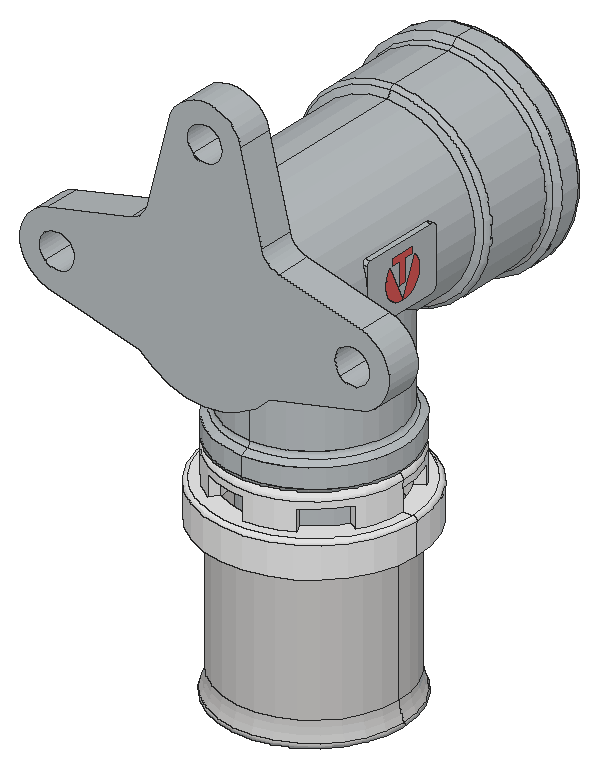
Revit family "VTm_254_ВодорозеткаПресс_ПереходВнутрРезьба1", category Соединительные детали трубопроводов, Revit 2017
Family settings
  Размер круглого соединителя = Использовать диаметр
  Тип детали = Отвод
  На основе рабочей плоскости = Нет
  Всегда вертикально = Да
  При загрузке вырезать с полостями = Нет
  Общий = Нет
Parameters (values of type "20 х 1/2"")
  Тело = VTm_254_ТелоРозетки_20_на_ПолДюйма : VTm_254_ТелоРозетки_20_на_ПолДюйма
  Стоимость = 0
  Символ вид сбоку и модель [instance] = yes
  Символ в плане и вид спереди [instance] = yes
  Резьба = VTm_254_РезьбаСоСбегами_Внутр : 1/2" х 5 х 1
  РадОтверстий = 2.50 mm  # constant formula
  РадНаружПодРезьбу = 12.00 mm
  РадВнутрПодРезьбу = 11.00 mm
  РадБазы2 = DN2 / 4  # 3.75 mm
  РадБазы1 = DN1 / 4  # 5.00 mm
  ПодРезьбу х 07 = ПодРезьбу * 0.7  # 9.096 mm
  ПодРезьбу = 12.995 mm
  Описание = "Служит для соединения резьбовых фитингов и сантехприборов с системами металлополимерных, PEX и PE труб на пресс с поворотом на 90° и неподвижным креплением к строительным конструкциям"  # constant formula
  Комментарии к типоразмеру = "Модель разработана по заказу ВЕСТА Регионы, автор Михаил Кузьмин НПО Инкомис, правообладатель ВЕСТА Регионы"  # constant formula
  Изготовитель = "VALTEC"  # constant formula
  ДоЦентраОтверстий = 18.95 mm
  ДоПятки = 17.50 mm
  ДлинаБазы2 = 13.00 mm
  ДлинаБазы1 = 24.30 mm
  Гильза = VTm_254_Гильза_от_16_до_26 : 20
  Видеть резьбу [instance] = yes
  VT_Цена базовая = 300
  VT_sleeve = Нержавеющая сталь
  VT_ring = Пластмасса, непрозрачная, белая
  VT_logo [instance] = Алюминий, анодированный красный
  VT_body = Цинк
  URL = "http://valtec.ru/catalog/sistemy_metallopolimernyh_i_polimernyh_truboprovodov/press_fitingi/press_fiting_ugolnik_s_perehodom_na_vnutrennyuyu_rezbu_vtm252n.html"
  DN2 = 15.00 mm
  DN1 = 20.00 mm
  ADSK_Примечание = ""
  ADSK_Позиция = "254.2004"
  ADSK_Обозначение = "VTm.254.N.002004"
  ADSK_Наименование = "Водорозетка пресс с переходом на внутреннюю резьбу 20х1/2\" VTm.254"
  ADSK_Масса_Текст = "0.144"
  ADSK_Масса = 0.144
  ADSK_Завод-изготовитель = "VALTEC"  # constant formula
  ADSK_Единица измерения = "шт"  # constant formula
  ADSK_Версия семейства = "01.01"  # constant formula
  ADSK_Версия Revit = "2017"  # constant formula
Types (4, lengths in mm): name | Тело | Резьба | РадНаружПодРезьбу | РадВнутрПодРезьбу | РадБазы2 | РадБазы1 | ПодРезьбу х 07 | ПодРезьбу | ДоЦентраОтверстий | ДоПятки | ДлинаБазы2 | ДлинаБазы1 | Гильза | VT_Цена базовая | URL | DN2 | DN1 | ADSK_Позиция | ADSK_Обозначение | ADSK_Наименование | ADSK_Масса_Текст | ADSK_Масса
  16 х 1/2" | VTm_254_ТелоРозетки_16_на_ПолДюйма : VTm_254_ТелоРозетки_16_на_ПолДюйма | VTm_254_РезьбаСоСбегами_Внутр : 1/2" х 5 х 1 | 12.00 | 11.00 | 3.75 | 4.00 | 9.096 | 12.995 | 17.50 | 13.50 | 13.00 | 20.40 | VTm_254_Гильза_от_16_до_26 : 16 | 221 | "http://valtec.ru/catalog/sistemy_metallopolimernyh_i_polimernyh_truboprovodov/press_fitingi/press_fiting_ugolnik_s_krepleniem_vodorozetka_vtm254n.html" | 15.00 | 16.00 | "254.1604" | "VTm.254.N.001604" | "Водорозетка пресс с переходом на внутреннюю резьбу 16х1/2\" VTm.254" | "0.110" | 0.11
  20 х 3/4" | VTm_254_ТелоРозетки_20_на_ТриЧетверти : VTm_254_ТелоРозетки_20_на_ТриЧетверти | VTm_254_РезьбаСоСбегами_Внутр : 3/4" х 5 х 1,8 | 15.50 | 14.50 | 5.00 | 5.00 | 9.80 | 14.00 | 20.55 | 16.50 | 16.00 | 29.30 | VTm_254_Гильза_от_16_до_26 : 20 | 399 | "http://valtec.ru/catalog/sistemy_metallopolimernyh_i_polimernyh_truboprovodov/press_fitingi/press_fiting_ugolnik_s_perehodom_na_vnutrennyuyu_rezbu_vtm252n.html" | 20.00 | 20.00 | "254.2005" | "VTm.254.N.002005" | "Водорозетка пресс с переходом на внутреннюю резьбу 20х3/4\" VTm.254" | "0.195" | 0.195
  20 х 1/2" | VTm_254_ТелоРозетки_20_на_ПолДюйма : VTm_254_ТелоРозетки_20_на_ПолДюйма | VTm_254_РезьбаСоСбегами_Внутр : 1/2" х 5 х 1 | 12.00 | 11.00 | 3.75 | 5.00 | 9.096 | 12.995 | 18.95 | 17.50 | 13.00 | 24.30 | VTm_254_Гильза_от_16_до_26 : 20 | 300 | "http://valtec.ru/catalog/sistemy_metallopolimernyh_i_polimernyh_truboprovodov/press_fitingi/press_fiting_ugolnik_s_perehodom_na_vnutrennyuyu_rezbu_vtm252n.html" | 15.00 | 20.00 | "254.2004" | "VTm.254.N.002004" | "Водорозетка пресс с переходом на внутреннюю резьбу 20х1/2\" VTm.254" | "0.144" | 0.144
  26 х 3/4" | VTm_254_ТелоРозетки_26_на_ТриЧетверти : VTm_254_ТелоРозетки_26_на_ТриЧетверти | VTm_254_РезьбаСоСбегами_Внутр : 3/4" х 5 х 1,8 | 15.80 | 14.80 | 5.00 | 6.50 | 9.80 | 14.00 | 20.55 | 16.50 | 16.00 | 32.00 | VTm_254_Гильза_от_16_до_26 : 26 | 427 | "http://valtec.ru/catalog/sistemy_metallopolimernyh_i_polimernyh_truboprovodov/press_fitingi/press_fiting_ugolnik_s_perehodom_na_vnutrennyuyu_rezbu_vtm252n.html" | 20.00 | 26.00 | "254.2605" | "VTm.254.N.002605" | "Водорозетка пресс с переходом на внутреннюю резьбу 26х3/4\" VTm.254" | "0.222" | 0.222
Reference planes
  plane 1 "По центру (Вперед/Назад)": y = 0
  plane 2: z = 0
  plane 3 "По центру (Влево/Вправо)": x = 0
  plane 4: y = 13
  plane 5: y = 25.995
  plane 6: z = -24.3
  plane 7: z = -44.3
  plane 8: z = -64.3
  plane 9: x = -20
  plane 10: x = 20
  plane 11: y = 22.096
  plane 12: y = 20
  plane 13: y = -20
  plane 14: z = -15
  plane 15: z = 15
  plane 16: x = -15
  plane 17: x = 15
  plane 18 "Пятка": y = -17.5
  plane 19: z = 18.95
  plane 20: x = 18.95
  plane 21: x = -18.95
Forms (mm)
  Extrusion 1, solid, not visible
    sketch origin (0, 0, 0) x (1, 0, 0) y (0, 0, 1)
      loop
        circle (0, 0) r 3.75
    from -13 to 0
  Extrusion 2, solid, not visible
    sketch origin (0, 0, 0) x (1, 0, 0) y (0, 1, 0)
      loop
        circle (0, 0) r 5
    from -24.3 to 0
  Extrusion 3, solid, material "Цинк" <- "VT_body", not visible
    sketch origin (0, 0, 0) x (1, 0, 0) y (0, 0, 1)
      loop
        circle (0, 0) r 12
      loop
        circle (0, 0) r 11
    from -25.995 to -13
Lines and regions (mm)
  model lines, style "VT_symbol", visible <- "Символ в плане и вид спереди", detail levels medium
    curve 1: line (-20, 0, -24.3) -> (20, 0, -64.3)
    curve 2: line (-20, 0, -64.3) -> (20, 0, -24.3)
    curve 10: line (-15, 22.096, 0) -> (-15, 13, 0)
    curve 11: line (-15, 13, 0) -> (15, 13, 0)
    curve 12: line (15, 13, 0) -> (15, 22.096, 0)
  model lines, style "VT_symbol", detail levels coarse+medium
    curve 3: line (0, 0, 0) -> (0, 0, -24.3)
    curve 4: line (0, 13, 0) -> (0, 0, 0)
  model lines, style "VT_symbol", visible <- "Символ вид сбоку и модель", detail levels medium
    curve 5: line (0, 20, -24.3) -> (0, -20, -64.3)
    curve 6: line (0, 20, -64.3) -> (0, -20, -24.3)
    curve 7: line (0, 22.096, 15) -> (0, 13, 15)
    curve 8: line (0, 13, 15) -> (0, 13, -15)
    curve 9: line (0, 13, -15) -> (0, 22.096, -15)
  model lines, style "VT_symbol", detail levels medium
    curve 13: line (-18.95, -17.5, 0) -> (18.95, -17.5, 0)
    curve 14: line (0, -17.5, 18.95) -> (0, -17.5, 0)
    curve 15: circle (0, -17.5, 18.95) r 2.5 normal (0, -1, 0)
    curve 16: circle (-18.95, -17.5, 0) r 2.5 normal (0, -1, 0)
    curve 17: circle (18.95, -17.5, 0) r 2.5 normal (0, -1, 0)
Dimensions and locks
  "ДлинаБазы2": plane 4 to plane 1 "По центру (Вперед/Назад)"
  "ПодРезьбу": plane 5 to plane 4
  "ДлинаБазы1": plane 2 to plane 6
  equal spacing: plane 10, plane 3 "По центру (Влево/Вправо)", plane 9
  equal spacing: plane 6, plane 7, plane 8
  "DN1": plane 3 "По центру (Влево/Вправо)" to plane 9
  "DN1": plane 6 to plane 7
  equal spacing: plane 12, plane 1 "По центру (Вперед/Назад)", plane 13
  "DN1": plane 1 "По центру (Вперед/Назад)" to plane 13
  equal spacing: plane 14, plane 2, plane 15
  "DN2": plane 2 to plane 15
  "ПодРезьбу х 07": plane 11 to plane 4
  equal spacing: plane 16, plane 3 "По центру (Влево/Вправо)", plane 17
  "DN2": plane 16 to plane 3 "По центру (Влево/Вправо)"
  equal spacing: plane 21, plane 3 "По центру (Влево/Вправо)", plane 20
  "ДоЦентраОтверстий": plane 20 to plane 3 "По центру (Влево/Вправо)"
  "ДоЦентраОтверстий": plane 19 to plane 2
  "ДоПятки": plane 18 "Пятка" to plane 1 "По центру (Вперед/Назад)"
  "РадБазы2": radius of Extrusion 1 sketch curve
  "РадБазы1": radius of Extrusion 2 sketch curve
  "РадВнутрПодРезьбу": radius of Extrusion 3 sketch curve
  "РадНаружПодРезьбу": radius of Extrusion 3 sketch curve
  "РадОтверстий": radius of curve 15
  "РадОтверстий": radius of curve 16
  "РадОтверстий": radius of curve 17
  aligned and locked: level to plane 2
  aligned and locked: plane 3 "По центру (Влево/Вправо)" to Extrusion 1 sketch curve
  aligned and locked: plane 2 to Extrusion 1 sketch curve
  aligned and locked: plane 4 to Extrusion 1
  aligned and locked: plane 1 "По центру (Вперед/Назад)" to Extrusion 1
  aligned and locked: plane 3 "По центру (Влево/Вправо)" to Extrusion 2 sketch curve
  aligned and locked: plane 1 "По центру (Вперед/Назад)" to Extrusion 2 sketch curve
  aligned and locked: Extrusion 2 to plane 6
  aligned and locked: plane 2 to Extrusion 2
  aligned and locked: plane 3 "По центру (Влево/Вправо)" to Extrusion 3 sketch curve  (x2)
  aligned and locked: plane 2 to Extrusion 3 sketch curve  (x2)
  aligned and locked: plane 5 to Extrusion 3
  aligned and locked: Extrusion 3 to plane 4
  aligned and locked: plane 3 "По центру (Влево/Вправо)" to nested 1
  aligned and locked: nested 2 to plane 1 "По центру (Вперед/Назад)"
  aligned and locked: plane 3 "По центру (Влево/Вправо)" to nested 2
  aligned and locked: plane 3 "По центру (Влево/Вправо)" to nested 3
  aligned and locked: nested 3 to plane 2
  aligned and locked: plane 1 "По центру (Вперед/Назад)" to nested 4
  aligned and locked: plane 3 "По центру (Влево/Вправо)" to nested 4
  aligned and locked: nested 5 to plane 2
  aligned and locked: plane 3 "По центру (Влево/Вправо)" to nested 5
  aligned and locked: plane 9 to curve 1
  aligned and locked: plane 6 to curve 1
  aligned and locked: plane 10 to curve 2
  aligned and locked: plane 6 to curve 2
  aligned and locked: plane 10 to curve 1
  aligned and locked: plane 8 to curve 1
  aligned and locked: plane 8 to curve 2
  aligned and locked: plane 9 to curve 2
  aligned and locked: plane 6 to curve 3
  aligned and locked: plane 2 to curve 3
  aligned and locked: curve 3 to plane 3 "По центру (Влево/Вправо)"
  aligned and locked: curve 3 to plane 1 "По центру (Вперед/Назад)"
  aligned and locked: plane 4 to curve 4
  aligned and locked: plane 1 "По центру (Вперед/Назад)" to curve 4
  aligned and locked: curve 4 to plane 3 "По центру (Влево/Вправо)"
  aligned and locked: plane 12 to curve 5
  aligned and locked: plane 6 to curve 5
  aligned and locked: plane 6 to curve 6
  aligned and locked: plane 13 to curve 6
  aligned and locked: plane 13 to curve 5
  aligned and locked: plane 8 to curve 5
  aligned and locked: plane 8 to curve 6
  aligned and locked: plane 12 to curve 6
  aligned and locked: plane 4 to curve 8
  aligned and locked: plane 15 to curve 7
  aligned and locked: plane 14 to curve 9
  aligned and locked: plane 11 to curve 7
  aligned and locked: plane 11 to curve 9
  aligned and locked: curve 10 to plane 16
  aligned and locked: curve 11 to plane 4
  aligned and locked: plane 17 to curve 12
  aligned and locked: curve 14 to plane 3 "По центру (Влево/Вправо)"
  aligned and locked: curve 13 to plane 2
  aligned and locked: plane 19 to curve 14
  aligned and locked: plane 21 to curve 13
  aligned and locked: plane 20 to curve 13
  aligned and locked: plane 21 to curve 16
  aligned and locked: plane 2 to curve 16
  aligned and locked: plane 20 to curve 17
  aligned and locked: plane 2 to curve 17
  aligned and locked: plane 3 "По центру (Влево/Вправо)" to curve 15
  aligned and locked: plane 19 to curve 15
  aligned and locked: curve 5 to plane 3 "По центру (Влево/Вправо)"
  aligned and locked: plane 3 "По центру (Влево/Вправо)" to curve 6
  aligned and locked: curve 1 to plane 1 "По центру (Вперед/Назад)"
  aligned and locked: plane 1 "По центру (Вперед/Назад)" to curve 2
  aligned and locked: curve 8 to plane 3 "По центру (Влево/Вправо)"
  aligned and locked: plane 1 "По центру (Вперед/Назад)" to nested 1
Automatic sketch dimensions
  plane 11 to curve 12 = 0.00 mm
  plane 11 to curve 10 = 0.00 mm
Nested families
  nested 1: "VTm_254_ТелоРозетки_20_на_ПолДюйма" at (0, 0, 0), type <- "Тело", type "VTm_254_ТелоРозетки_20_на_ПолДюйма", detail levels fine
  nested 2: "VTm_254_Гильза_от_16_до_26" at (0, 0, -24.3) x (1, 0, 0) z (0, 0, -1), type <- "Гильза", type "20", detail levels fine
  nested 3: "VTm_254_РезьбаСоСбегами_Внутр" at (0, 25.995, 0) x (1, 0, 0) z (0, -1, 0), type <- "Резьба", visible <- "Видеть резьбу", type "1/2" х 5 х 1", detail levels fine
  nested 4: "MarkR" at (0, 0, -24.3), type "MarkR", not visible
  nested 5: "MarkR" at (0, 13, 0) x (1, 0, 0) z (0, -1, 0), type "MarkR", not visible
Connectors
  piping at (0, 0, -24.3), diameter 20, driven by "DN1"
    settings: on Extrusion 2, index 1, connector inside diameter 609.6 mm, connector length 0.00 mm, flow factor 0, pipe flow 0.0 L/s, pressure drop 0.0 Pa, fitting loss kfactor 0, connector angle 0.00°, fixture units 0, engagement length 0.00 mm, angle of deflection 0.00°, flow configuration 0, flow direction 0, fitting loss method 0, system type 28, joint type 0, gender type 0, connector reference index 2, connector utility 0, adjustable connector no, is connector primary yes, connector description ""
  piping at (0, 13, 0), diameter 15, driven by "DN2"
    settings: on Extrusion 1, index 2, connector inside diameter 609.6 mm, connector length 0.00 mm, flow factor 0, pipe flow 0.0 L/s, pressure drop 0.0 Pa, fitting loss kfactor 0, connector angle 90.00°, fixture units 0, engagement length 0.00 mm, angle of deflection 0.00°, flow configuration 0, flow direction 0, fitting loss method 0, system type 28, joint type 0, gender type 0, connector reference index 1, connector utility 0, adjustable connector no, is connector primary no, connector description ""
Definition of nested family "VTm_254_ТелоРозетки_20_на_ПолДюйма"
  Parameters (values of type "VTm_254_ТелоРозетки_20_на_ПолДюйма")
    Description = ""
    Type Comments = ""
    VT_logo = none
    VT_body = none
  Reference planes
    plane 1 "По центру (Вперед/Назад)": y = 0
    plane 2: z = 0
    plane 3 "По центру (Влево/Вправо)": x = 0
    plane 4: z = 23.75
    plane 5: x = 23.75
    plane 6: x = -23.75
    plane 7: x = -11.277
    plane 8: x = 11.277
    plane 9: x = -18.95
    plane 10: x = 18.95
    plane 11: z = 18.95
  Forms (mm)
    Revolve 1, solid, material <- "VT_body"
      sketch origin (0, 0, 0) x (0, 1, 0) y (0, 0, 1)
        loop
          line (21.586, 12.5) -> (12.958, 12.5)
          arc (12.958, 12.5) -> (12.561, 12.394) -> (12.271, 12.103) r 0.794
          line (12.271, 12.103) -> (11.778, 11.25) -> (-13, 11.25) -> (-13, 0) -> (13, 0) -> (13, 9.9) -> (25.287, 9.9) -> (26, 10.613) -> (26, 12.998)
          arc (26, 12.998) -> (25.853, 13.353) -> (25.498, 13.5) r 0.502
          line (25.498, 13.5) -> (23, 13.5) -> (22.293, 12.793)
          arc (22.293, 12.793) -> (21.968, 12.576) -> (21.586, 12.5) r 0.999
        axis (26, 0) -> (-13, 0)
      angle from 0 to 360
    Revolve 2, solid, material <- "VT_body"
      sketch origin (0, 0, 0) x (0, 1, 0) y (0, 0, 1)
        loop
          line (10.25, 0) -> (0, 0) -> (0, -22.499) -> (10.997, -22.499)
          arc (10.997, -22.499) -> (11.353, -22.351) -> (11.5, -21.995) r 0.503
          line (11.5, -21.995) -> (11.5, -19.5) -> (10.642, -19.005)
          arc (10.642, -19.005) -> (10.355, -18.718) -> (10.25, -18.326) r 0.785
          line (10.25, -18.326) -> (10.25, 0)
        axis (0, -22.499) -> (0, 0)
      angle from 0 to 360
    Extrusion 3, solid, material <- "VT_body"
      sketch origin (-1.204, 0, -4.867) x (-0.707107, 0, -0.707107) y (0.707107, 0, -0.707107)
        loop
          line (-16.161, -4.138) -> (-21.805, -13.515)
          arc (-21.805, -13.515) -> (-21.087, -19.384) -> (-15.217, -20.103) r 4.8
          line (-15.217, -20.103) -> (-5.84, -14.459)
          arc (-5.84, -14.459) -> (-4.293, -14.029) -> (-2.746, -14.459) r 3
          line (-2.746, -14.459) -> (6.632, -20.103)
          arc (6.632, -20.103) -> (12.501, -19.384) -> (13.219, -13.515) r 4.8
          line (13.219, -13.515) -> (6.946, -3.092)
          arc (6.946, -3.092) -> (3.662, 5.364) -> (-4.794, 8.648) r 11.25
          line (-4.794, 8.648) -> (-15.217, 14.922)
          arc (-15.217, 14.922) -> (-21.087, 14.203) -> (-21.805, 8.334) r 4.8
          line (-21.805, 8.334) -> (-16.161, -1.044)
          arc (-16.161, -1.044) -> (-15.731, -2.591) -> (-16.161, -4.138) r 3
        loop
          circle (9.107, -15.99) r 2.25
        loop
          circle (-17.692, -15.99) r 2.25
        loop
          circle (-17.692, 10.809) r 2.25
      from 13 to 17.5
    Extrusion 4, solid, material <- "VT_body"
      sketch origin (0, 0, 0) x (0, 1, 0) y (0, 0, 1)
        loop
          arc (-4.968, 4) -> (-5.344, 3.844) -> (-5.5, 3.468) r 0.532
          line (-5.5, 3.468) -> (-5.5, -3.347)
          arc (-5.5, -3.347) -> (-5.309, -3.809) -> (-4.847, -4) r 0.653
          line (-4.847, -4) -> (4.652, -4)
          arc (4.652, -4) -> (5.252, -3.752) -> (5.5, -3.152) r 0.848
          line (5.5, -3.152) -> (5.5, 3.27)
          arc (5.5, 3.27) -> (5.286, 3.786) -> (4.77, 4) r 0.73
          line (4.77, 4) -> (-4.968, 4)
      from -11.277 to 11.277
  Cuts and joins
    joined: Revolve 1, Revolve 2
  Dimensions and locks
    Revolve 1 sketch curve to plane 2 = 9.90 mm
    Revolve 1 sketch curve to Revolve 1 sketch curve = 13.00 mm
    equal spacing: Extrusion 4 sketch curve, plane 1 "По центру (Вперед/Назад)", Extrusion 4 sketch curve
    equal spacing: Extrusion 4 sketch curve, plane 2, Extrusion 4 sketch curve
    plane 1 "По центру (Вперед/Назад)" to Extrusion 4 sketch curve = 5.50 mm
    Extrusion 4 sketch curve to plane 2 = 4.00 mm
    equal spacing: plane 8, plane 3 "По центру (Влево/Вправо)", plane 7, locked at 11.277 each
    plane 3 "По центру (Влево/Вправо)" to plane 7 = 11.277 mm
    locked: plane 1 "По центру (Вперед/Назад)" to Extrusion 3 at 17.5
    locked: plane 1 "По центру (Вперед/Назад)" to Extrusion 3 at 13
    locked: plane 2 to Revolve 2 at 19.5  (x2)
    locked: Revolve 1 to plane 1 "По центру (Вперед/Назад)" at 26
    locked: Revolve 1 to plane 1 "По центру (Вперед/Назад)" at 13
    equal spacing: Extrusion 4, plane 2, Extrusion 4, locked at 4 each
    equal spacing: Extrusion 4, plane 1 "По центру (Вперед/Назад)", Extrusion 4, locked at 5.5 each
    equal spacing: plane 6, plane 3 "По центру (Влево/Вправо)", plane 5, locked at 23.75 each
    plane 3 "По центру (Влево/Вправо)" to plane 6 = 23.75 mm
    locked: plane 4 to plane 2 at 23.75
    locked: plane 6 to plane 9 at 4.8
    locked: plane 4 to plane 11 at 4.8
    locked: plane 5 to plane 10 at 4.8
    aligned and locked: level to plane 2
    aligned and locked: Revolve 1 sketch curve to plane 2
    aligned and locked: Revolve 1 sketch curve to Revolve 1 sketch curve
    aligned and locked: plane 1 "По центру (Вперед/Назад)" to Revolve 2 sketch curve
    aligned and locked: Revolve 2 sketch curve to Revolve 2 sketch curve
    aligned and locked: Extrusion 4 to plane 7
    aligned and locked: Extrusion 4 to plane 8
    aligned and locked: plane 1 "По центру (Вперед/Назад)" to nested 2
    aligned and locked: nested 1 to plane 1 "По центру (Вперед/Назад)"
    aligned and locked: plane 9 to Extrusion 3 sketch curve  (x2)
    aligned and locked: plane 2 to Extrusion 3 sketch curve  (x5)
    aligned and locked: plane 3 "По центру (Влево/Вправо)" to Extrusion 3 sketch curve  (x3)
    aligned and locked: plane 11 to Extrusion 3 sketch curve  (x2)
    aligned and locked: plane 10 to Extrusion 3 sketch curve  (x2)
  Automatic sketch dimensions
    Revolve 2 sketch curve to level = 0.00 mm
    Revolve 2 sketch curve to plane 1 "По центру (Вперед/Назад)" = 10.25 mm
    Revolve 2 sketch curve to Revolve 2 sketch curve = 0.392 mm  (x2)
    Revolve 2 sketch curve to Revolve 2 sketch curve = 0.354 mm
    Revolve 2 sketch curve to Revolve 2 sketch curve = 0.495 mm
    Revolve 2 sketch curve to Revolve 2 sketch curve = 2.495 mm
    Revolve 2 sketch curve to Revolve 2 sketch curve = 7.902 mm
    level to Revolve 2 sketch curve = 14.599 mm
    Revolve 2 sketch curve to Revolve 2 sketch curve = 18.326 mm
    Extrusion 4 sketch curve to Extrusion 4 sketch curve = 0.532 mm
    Extrusion 4 sketch curve to Extrusion 4 sketch curve = 0.653 mm
    Extrusion 4 sketch curve to Extrusion 4 sketch curve = 0.848 mm
    Extrusion 4 sketch curve to Extrusion 4 sketch curve = 0.73 mm
    plane 1 "По центру (Вперед/Назад)" to Revolve 1 sketch curve = 13.00 mm
    Revolve 1 sketch curve to plane 1 "По центру (Вперед/Назад)" = 12.271 mm
    Revolve 1 sketch curve to Revolve 1 sketch curve = 0.688 mm
    Revolve 1 sketch curve to Revolve 1 sketch curve = 0.042 mm
    Revolve 1 sketch curve to Revolve 1 sketch curve = 4.414 mm
    Revolve 1 sketch curve to Revolve 1 sketch curve = 0.707 mm  (x2)
    Revolve 1 sketch curve to Revolve 1 sketch curve = 0.713 mm  (x2)
    Revolve 1 sketch curve to Revolve 1 sketch curve = 0.502 mm
    Revolve 1 sketch curve to Revolve 1 sketch curve = 0.397 mm
    Revolve 1 sketch curve to Revolve 1 sketch curve = 8.835 mm
    Revolve 1 sketch curve to Revolve 1 sketch curve = 0.492 mm
    Revolve 1 sketch curve to Revolve 1 sketch curve = 11.221 mm
    Extrusion 3 sketch curve to Extrusion 3 sketch curve = 0.00 mm  (x2)
    Extrusion 3 sketch curve to Extrusion 3 sketch curve = 1.547 mm  (x2)
    Extrusion 3 sketch curve to Extrusion 3 sketch curve = 11.868 mm
    Extrusion 3 sketch curve to Extrusion 3 sketch curve = 2.475 mm  (x3)
    Extrusion 3 sketch curve to Extrusion 3 sketch curve = 2.57 mm
    Extrusion 3 sketch curve to Extrusion 3 sketch curve = 4.113 mm  (x4)
    Extrusion 3 sketch curve to Extrusion 3 sketch curve = 1.039 mm
    Extrusion 3 sketch curve to Extrusion 3 sketch curve = 9.377 mm
    Extrusion 3 sketch curve to Extrusion 3 sketch curve = 10.423 mm  (x2)
    Extrusion 3 sketch curve to Extrusion 3 sketch curve = 11.239 mm
    Revolve 1 sketch curve to Revolve 1 sketch curve = 1.35 mm
    Revolve 1 sketch curve to Revolve 1 sketch curve = 0.293 mm
    radius of Extrusion 3 sketch curve = 2.25 mm  (x3)
  Nested families
    nested 1: "VTm_254_Logo_5_5mm" at (11.277, 0, 0) x (0, 1, 0) z (1, 0, 0), type "VTm_254_Logo_5_5mm"
    nested 2: "VTm_254_Logo_5_5mm" at (-11.277, 0, 0) x (0, -1, 0) z (-1, 0, 0), type "VTm_254_Logo_5_5mm"
  Definition of nested family "VTm_254_Logo_5_5mm"
    Parameters (values of type "VTm_254_Logo_5_5mm")
      Default Elevation = 0.00 mm
      Description = ""
      Type Comments = ""
      VT_logo = none
    Reference planes
      plane 1 "По центру (Вперед/Назад)": y = 0
      plane 2: z = 0
      plane 3 "По центру (Влево/Вправо)": x = 0
      plane 4: z = -0.8
      plane 5: z = 0.1
    Forms (mm)
      Extrusion 1, solid, not visible
        sketch origin (0, 0, 0) x (1, 0, 0) y (0, 1, 0)
          loop
            line (-1219.2, 1219.2) -> (-1219.2, -1219.2) -> (1219.2, -1219.2) -> (1219.2, 1219.2) -> (-1219.2, 1219.2)
        from 0 to -304.8
      Extrusion 2, solid, material <- "VT_logo"
        sketch origin (0, 0, 0) x (1, 0, 0) y (0, 1, 0)
          loop
            arc (-2.006, 1.803) -> (-2.464, -1.097) -> (-0.002, -2.697) r 2.697
            line (-0.002, -2.697) -> (-2.006, 1.803)
          loop
            line (-0.42, 1.945) -> (-0.42, -0.8) -> (0.42, -0.8) -> (0.42, 1.945) -> (1.5, 1.945) -> (1.5, 2.749) -> (-1.5, 2.749) -> (-1.5, 1.945) -> (-0.42, 1.945)
        from -0.8 to 0.1
      Extrusion 3, solid, material <- "VT_logo"
        sketch origin (0, 0, 0) x (1, 0, 0) y (0, 1, 0)
          loop
            arc (0.002, -2.697) -> (2.464, -1.097) -> (2.006, 1.803) r 2.697
            line (2.006, 1.803) -> (0.002, -2.697)
        from -0.8 to 0.1
    Dimensions and locks
      equal spacing: Extrusion 2 sketch curve, plane 3 "По центру (Влево/Вправо)", Extrusion 2 sketch curve  (x2)
      plane 3 "По центру (Влево/Вправо)" to Extrusion 2 sketch curve = 0.42 mm
      Extrusion 2 sketch curve to plane 3 "По центру (Влево/Вправо)" to Extrusion 2 sketch curve = 1.50 mm, 1.50 mm
      Extrusion 2 sketch curve to Extrusion 2 sketch curve = 0.803 mm  (x2)
      locked: plane 2 to plane 4 at 0.8
      locked: plane 5 to plane 2 at 0.1
      equal spacing: Extrusion 2, plane 3 "По центру (Влево/Вправо)", Extrusion 2, locked at 1.5 each
      equal spacing: Extrusion 2, plane 3 "По центру (Влево/Вправо)", Extrusion 2, locked at 0.42 each
      locked: Extrusion 2 to plane 1 "По центру (Вперед/Назад)" at 2.749
      locked: Extrusion 2 to plane 1 "По центру (Вперед/Назад)" at 0.8
      locked: Extrusion 2 to Extrusion 2 at 0.803
      Extrusion 2 sketch curve to plane 1 "По центру (Вперед/Назад)" = 0.80 mm
      aligned and locked: plane 2 to Extrusion 1
      aligned and locked: level to Extrusion 1
      aligned and locked: plane 5 to Extrusion 2
      aligned and locked: plane 3 "По центру (Влево/Вправо)" to Extrusion 2 sketch curve
      aligned and locked: plane 1 "По центру (Вперед/Назад)" to Extrusion 2 sketch curve
      aligned and locked: plane 3 "По центру (Влево/Вправо)" to Extrusion 3 sketch curve
      aligned and locked: plane 1 "По центру (Вперед/Назад)" to Extrusion 3 sketch curve
      aligned and locked: plane 5 to Extrusion 3
      aligned and locked: Extrusion 2 to plane 4
      aligned and locked: Extrusion 2 to Extrusion 3
    Automatic sketch dimensions
      Extrusion 1 sketch curve to Extrusion 1 sketch curve = 2438.40 mm  (x2)
      Extrusion 2 sketch curve to Extrusion 2 sketch curve = 0.506 mm
      Extrusion 2 sketch curve to plane 3 "По центру (Влево/Вправо)" = 0.002 mm
      Extrusion 2 sketch curve to Extrusion 2 sketch curve = 1.897 mm
      Extrusion 2 sketch curve to Extrusion 2 sketch curve = 0.142 mm
      plane 3 "По центру (Влево/Вправо)" to Extrusion 3 sketch curve = 0.002 mm
      plane 3 "По центру (Влево/Вправо)" to Extrusion 3 sketch curve = 2.006 mm
      plane 1 "По центру (Вперед/Назад)" to Extrusion 3 sketch curve = 2.697 mm
Definition of nested family "VTm_254_Гильза_от_16_до_26"
  Parameters (values of type "16")
    ТолщСтенкТруб = 2.10 mm
    РегулировкаВысотГильз = 17.30 mm
    РадПерфНаруж = 9.30 mm
    РадПерфВнутр = РадПерфНаруж - 1.30 mm  # 8.00 mm
    РадГабаритКольца = 11.20 mm
    Default Elevation = 0.00 mm
    НарРадТруб = НарДиамТруб / 2  # 8.00 mm
    НарДиамТруб = 16.00 mm
    ВысотаОкон = 2.697 mm
    VT_body = none
    VT_ring = none
    VT_sleeve = none
  Types (3, lengths in mm): name | ТолщСтенкТруб | РегулировкаВысотГильз | РадПерфНаруж | РадПерфВнутр | РадГабаритКольца | НарРадТруб | НарДиамТруб
    16 | 2.10 | 17.30 | 9.30 | 8.00 | 11.20 | 8.00 | 16.00
    20 | 2.10 | 17.35 | 11.45 | 10.15 | 13.20 | 10.05 | 20.10
    26 | 3.05 | 17.20 | 14.35 | 13.05 | 16.25 | 13.075 | 26.15
  Reference planes
    plane 1 "По центру (Вперед/Назад)": y = 0
    plane 2: z = 0
    plane 3 "По центру (Влево/Вправо)": x = 0
    plane 4: z = -1.8
    plane 5: z = 2.697
    plane 6: z = 7.197
    plane 7: x = -11.2
    plane 8: x = -9.3
    plane 9 "РадПерфВнутр": x = -8
    plane 10: through (0, 0, 1219.2) normal (-0.5, -0.866, 0)
    plane 11: through (0, 0, 1219.2) normal (-0.866, -0.5, 0)
    plane 12: through (0, 0, 1219.2) normal (-0.866, 0.5, 0)
    plane 13: through (0, 0, 1219.2) normal (-0.5, 0.866, 0)
    plane 14: x = -8.9
    plane 15: z = 24.497
    plane 16: z = 27.313
    plane 17: x = -5.9
    plane 18: x = -3.5
    plane 19 "РадНарТруб": x = -8
    plane 20: x = -13.75
  Forms (mm)
    Extrusion 1, solid, not visible
      sketch origin (0, 0, 0) x (1, 0, 0) y (0, 1, 0)
        loop
          line (-1219.2, 1219.2) -> (-1219.2, -1219.2) -> (1219.2, -1219.2) -> (1219.2, 1219.2) -> (-1219.2, 1219.2)
      from 0 to -304.8
    Revolve 2, solid, material <- "VT_ring"
      sketch origin (0, 0, 0) x (1, 0, 0) y (0, 0, 1)
        loop
          line (-8, 0) -> (-8, 2.697) -> (-9.3, 2.697) -> (-9.3, -0.817)
          arc (-9.3, -0.817) -> (-9.012, -1.512) -> (-8.317, -1.8) r 0.983
          line (-8.317, -1.8) -> (0, -1.8) -> (0, 0) -> (-8, 0)
        axis (0, 2.697) -> (0, -1.8)
      angle from 0 to 360
    Extrusion 3, void
      sketch origin (0, 0, 0) x (1, 0, 0) y (0, 1, 0)
        loop
          line (-9.3, 0) -> (-8, 0)
          arc (-8, 0) -> (-7.727, 2.071) -> (-6.928, 4) r 8
          line (-6.928, 4) -> (-8.054, 4.65)
          arc (-8.054, 4.65) -> (-8.983, 2.407) -> (-9.3, 0) r 9.3
        loop
          arc (-4, 6.928) -> (-2.071, 7.727) -> (0, 8) r 8
          line (0, 8) -> (0, 9.3)
          arc (0, 9.3) -> (-2.407, 8.983) -> (-4.65, 8.054) r 9.3
          line (-4.65, 8.054) -> (-4, 6.928)
        loop
          arc (4, 6.928) -> (5.657, 5.657) -> (6.928, 4) r 8
          line (6.928, 4) -> (8.054, 4.65)
          arc (8.054, 4.65) -> (6.576, 6.576) -> (4.65, 8.054) r 9.3
          line (4.65, 8.054) -> (4, 6.928)
        loop
          arc (8, 0) -> (7.727, -2.071) -> (6.928, -4) r 8
          line (6.928, -4) -> (8.054, -4.65)
          arc (8.054, -4.65) -> (8.983, -2.407) -> (9.3, 0) r 9.3
          line (9.3, 0) -> (8, 0)
        loop
          arc (4, -6.928) -> (2.071, -7.727) -> (0, -8) r 8
          line (0, -8) -> (0, -9.3)
          arc (0, -9.3) -> (2.407, -8.983) -> (4.65, -8.054) r 9.3
          line (4.65, -8.054) -> (4, -6.928)
        loop
          arc (-8.054, -4.65) -> (-6.576, -6.576) -> (-4.65, -8.054) r 9.3
          line (-4.65, -8.054) -> (-4, -6.928)
          arc (-4, -6.928) -> (-5.657, -5.657) -> (-6.928, -4) r 8
          line (-6.928, -4) -> (-8.054, -4.65)
      from 0 to 2.697
    Revolve 4, solid, material <- "VT_ring"
      sketch origin (0, 0, 0) x (1, 0, 0) y (0, 0, 1)
        loop
          line (-11.2, 7.197) -> (-11.2, 3.224)
          arc (-11.2, 3.224) -> (-11.046, 2.851) -> (-10.674, 2.697) r 0.526
          line (-10.674, 2.697) -> (-8, 2.697) -> (-8, 7.197) -> (-11.2, 7.197)
        axis (0, 2.697) -> (0, 7.197)
      angle from 0 to 360
    Revolve 5, solid, material <- "VT_sleeve"
      sketch origin (0, 0, 0) x (1, 0, 0) y (0, 0, 1)
        loop
          line (-8.9, 7.197) -> (-8, 7.197) -> (-8, 24.497)
          arc (-8, 24.497) -> (-8.187, 25.953) -> (-8.737, 27.313) r 5.75
          arc (-8.737, 27.313) -> (-9.35, 27.485) -> (-9.522, 26.873) r 0.45
          arc (-9.522, 26.873) -> (-9.058, 25.725) -> (-8.9, 24.497) r 4.85
          line (-8.9, 24.497) -> (-8.9, 7.197)
        axis (0, 27.313) -> (0, 7.197)
      angle from 0 to 360
    Revolve 6, solid, material <- "VT_body"
      sketch origin (0, 0, 0) x (1, 0, 0) y (0, 0, 1)
        loop
          line (-3.764, 24.955) -> (-4.576, 26.366)
          arc (-4.576, 26.366) -> (-4.898, 26.631) -> (-5.315, 26.617) r 0.591
          arc (-5.315, 26.617) -> (-5.74, 26.267) -> (-5.9, 25.739) r 0.951
          line (-5.9, 25.739) -> (-5.9, 0) -> (-3.5, 0) -> (-3.5, 23.969)
          arc (-3.5, 23.969) -> (-3.567, 24.479) -> (-3.764, 24.955) r 1.977
        axis (0, 26.617) -> (0, 0)
      angle from 0 to 360
  Cuts and joins
    Extrusion 3 cuts Revolve 2
  Dimensions and locks
    "РадГабаритКольца": plane 7 to plane 3 "По центру (Влево/Вправо)"
    "РадПерфНаруж": plane 8 to plane 3 "По центру (Влево/Вправо)"
    "РадПерфВнутр": plane 9 "РадПерфВнутр" to plane 3 "По центру (Влево/Вправо)"
    locked: plane 17 to plane 18 at 2.4
    "ТолщСтенкТруб": plane 19 "РадНарТруб" to plane 17
    "НарРадТруб": plane 19 "РадНарТруб" to plane 3 "По центру (Влево/Вправо)"
    locked: plane 14 to plane 19 "РадНарТруб" at 0.9
    "РегулировкаВысотГильз": plane 15 to plane 6
    locked: plane 16 to plane 15 at 2.816
    plane 16 to plane 4 = 29.113 mm
    locked: plane 19 "РадНарТруб" to plane 20 at 5.75
    locked: plane 6 to plane 5 at 4.5
    locked: plane 2 to plane 4 at 1.8
    "ВысотаОкон": plane 5 to plane 2
    "РадПерфВнутр": radius of Extrusion 3 sketch curve  (x6)
    "РадПерфНаруж": radius of Extrusion 3 sketch curve  (x6)
    aligned and locked: plane 2 to Extrusion 1
    aligned and locked: level to Extrusion 1
    aligned and locked: Revolve 2 sketch curve to plane 8
    aligned and locked: Revolve 2 sketch curve to plane 3 "По центру (Влево/Вправо)"
    aligned and locked: plane 2 to Revolve 2 sketch curve
    aligned and locked: plane 4 to Revolve 2 sketch curve  (x2)
    aligned and locked: Revolve 2 sketch curve to plane 2
    aligned and locked: Extrusion 3 sketch curve to plane 1 "По центру (Вперед/Назад)"
    aligned and locked: plane 10 to Extrusion 3 sketch curve
    aligned and locked: plane 3 "По центру (Влево/Вправо)" to Extrusion 3 sketch curve  (x13)
    aligned and locked: plane 1 "По центру (Вперед/Назад)" to Extrusion 3 sketch curve  (x13)
    aligned and locked: Extrusion 3 to plane 2
    aligned and locked: plane 5 to Extrusion 3
    aligned and locked: Revolve 2 sketch curve to plane 9 "РадПерфВнутр"
    aligned and locked: Revolve 2 sketch curve to plane 5
    aligned and locked: Extrusion 3 sketch curve to plane 11
    aligned and locked: Extrusion 3 sketch curve to plane 3 "По центру (Влево/Вправо)"
    aligned and locked: Extrusion 3 sketch curve to plane 12
    aligned and locked: plane 13 to Extrusion 3 sketch curve
    aligned and locked: Extrusion 3 sketch curve to plane 10
    aligned and locked: plane 11 to Extrusion 3 sketch curve
    aligned and locked: Extrusion 3 sketch curve to plane 13
    aligned and locked: plane 12 to Extrusion 3 sketch curve
    aligned and locked: plane 9 "РадПерфВнутр" to Revolve 4 sketch curve
    aligned and locked: plane 7 to Revolve 4 sketch curve
    aligned and locked: plane 6 to Revolve 4 sketch curve
    aligned and locked: Revolve 4 sketch curve to plane 5
    aligned and locked: plane 3 "По центру (Влево/Вправо)" to Revolve 4 sketch curve
    aligned and locked: plane 4 to Revolve 4 sketch curve
    aligned and locked: plane 2 to Revolve 4 sketch curve
    aligned and locked: Revolve 5 sketch curve to plane 3 "По центру (Влево/Вправо)"
    aligned and locked: plane 4 to Revolve 5 sketch curve
    aligned and locked: plane 2 to Revolve 5 sketch curve
    aligned and locked: Revolve 5 sketch curve to plane 14
    aligned and locked: Revolve 5 sketch curve to plane 6
    aligned and locked: Revolve 6 sketch curve to plane 2
    aligned and locked: plane 17 to Revolve 6 sketch curve
    aligned and locked: Revolve 6 sketch curve to plane 3 "По центру (Влево/Вправо)"
    aligned and locked: plane 4 to Revolve 6 sketch curve
    aligned and locked: plane 2 to Revolve 6 sketch curve
    aligned and locked: Revolve 6 sketch curve to plane 18
    aligned and locked: Revolve 5 sketch curve to plane 19 "РадНарТруб"
    aligned and locked: plane 20 to Revolve 5 sketch curve  (x2)
    aligned and locked: plane 15 to Revolve 5 sketch curve  (x2)
  Automatic sketch dimensions
    Extrusion 1 sketch curve to Extrusion 1 sketch curve = 2438.40 mm  (x2)
    Revolve 2 sketch curve to plane 3 "По центру (Влево/Вправо)" = 0.00 mm
    Revolve 2 sketch curve to plane 9 "РадПерфВнутр" = 0.317 mm
    Revolve 4 sketch curve to Revolve 4 sketch curve = 0.526 mm
    Revolve 5 sketch curve to plane 16 = 0.00 mm
    Revolve 5 sketch curve to Revolve 5 sketch curve = 0.00 mm  (x2)
    Revolve 6 sketch curve to plane 17 = 0.423 mm
    Revolve 6 sketch curve to plane 17 = 0.812 mm
    Revolve 6 sketch curve to Revolve 6 sketch curve = 0.139 mm
    Revolve 6 sketch curve to Revolve 6 sketch curve = 0.512 mm
    plane 18 to Revolve 6 sketch curve = 0.264 mm
    plane 15 to Revolve 6 sketch curve = 0.528 mm
    Revolve 6 sketch curve to Revolve 6 sketch curve = 0.332 mm
Definition of nested family "VTm_254_РезьбаСоСбегами_Внутр"
  Parameters (values of type "3/4" х 5 х 1,8")
    Отступ от дна = 1.80 mm
    Default Elevation = 0.00 mm
    Z = 5
    VT_body = none
    P = 1.814 mm
    L = Z * P + P * 1.5  # 11.791 mm
    H = P * 0.96049  # 1.742 mm
    D2/2 = D2 / 2  # 12.64 mm
    D2 = 25.279 mm
    1/2P = P / 2  # 0.907 mm
  Types (4, lengths in mm): name | Отступ от дна | Z | P | L | H | D2/2 | D2 | 1/2P
    1/2" х 5 х 1 | 1.00 | 5 | 1.814 | 11.791 | 1.742 | 9.896 | 19.793 | 0.907
    1" х 4 х 1,9 | 1.90 | 4 | 2.309 | 12.70 | 2.218 | 15.885 | 31.77 | 1.155
    1_1/4" х 6 х 3 | 3.00 | 6 | 2.309 | 17.318 | 2.218 | 20.215 | 40.431 | 1.155
    3/4" х 5 х 1,8 | 1.80 | 5 | 1.814 | 11.791 | 1.742 | 12.64 | 25.279 | 0.907
  Reference planes
    plane 1 "По центру (Вперед/Назад)": y = 0
    plane 2: z = 0
    plane 3 "По центру (Влево/Вправо)": x = 0
    plane 4: x = -12.639
    plane 5: x = 12.64
    plane 6: x = -11.768
    plane 7: x = -13.511
    plane 8: x = 11.768
    plane 9: x = 13.511
    plane 10 "Верх резьбы": z = 13.591
    plane 11: z = 12.684
    plane 12: z = 11.777
    plane 13: z = 10.87
    plane 14 "Привязка массива": z = 3.614
    plane 15: z = 2.707
    plane 16 "Низ резьбы": z = 1.8
  Forms (mm)
    Extrusion 1, solid
      sketch origin (0, 0, 0) x (1, 0, 0) y (0, 1, 0)
        loop
          line (-1219.2, 1219.2) -> (-1219.2, -1219.2) -> (1219.2, -1219.2) -> (1219.2, 1219.2) -> (-1219.2, 1219.2)
      from 0 to -304.8
    SweptBlend 2, solid, material <- "VT_body"
      path origin (0, 0, 13.591) x (0, -1, 0) y (-1, 0, 0)
        loop
          arc (0, -12.64) -> (-12.639, 0) -> (0, 12.639) r 12.64
      profile origin (12.64, 0, 13.591) x (-1, 0, 0) y (0, 0, 1)
        loop
          line (-0.871, -0.907) -> (-0.871, -2.721) -> (0.871, -1.814) -> (-0.871, -0.907)
      end profile origin (-12.639, 0, 13.591) x (1, 0, 0) y (0, 0, 1)
        loop
          line (-0.871, 0) -> (-0.871, -1.814) -> (0.871, -0.907) -> (-0.871, 0)
    SweptBlend 3, solid, material <- "VT_body"
      path origin (0, 0, 13.591) x (0, -1, 0) y (-1, 0, 0)
        loop
          arc (0, 12.639) -> (12.64, 0) -> (0, -12.64) r 12.64
      profile origin (-12.639, 0, 13.591) x (1, 0, 0) y (0, 0, 1)
        loop
          line (-0.871, 0) -> (-0.871, -1.814) -> (0.871, -0.907) -> (-0.871, 0)
      end profile origin (12.64, 0, 13.591) x (-1, 0, 0) y (0, 0, 1)
        loop
          line (-0.871, 0) -> (-0.871, -0.907) -> (0, 0) -> (-0.871, 0)
    SweptBlend 4, solid, material <- "VT_body"
      path origin (0, 0, 1.8) x (0, -1, 0) y (-1, 0, 0)
        loop
          arc (0, -12.64) -> (12.64, 0) -> (0, 12.64) r 12.64
      profile origin (12.64, 0, 1.8) x (1, 0, 0) y (0, 0, 1)
        loop
          line (0.871, 1.814) -> (-0.871, 0.907) -> (0.871, 0) -> (0.871, 1.814)
      end profile origin (-12.64, 0, 1.8) x (-1, 0, 0) y (0, 0, 1)
        loop
          line (0.871, 0.907) -> (0, 0) -> (0.871, 0) -> (0.871, 0.907)
  Dimensions and locks
    "D2": plane 5 to plane 4
    equal spacing: plane 6, plane 4, plane 7
    "H": plane 6 to plane 7
    equal spacing: plane 8, plane 3 "По центру (Влево/Вправо)", plane 6
    equal spacing: plane 9, plane 3 "По центру (Влево/Вправо)", plane 7
    equal spacing: plane 16 "Низ резьбы", plane 15, plane 14 "Привязка массива"
    equal spacing: plane 13, plane 12, plane 11, plane 10 "Верх резьбы"
    "Отступ от дна": plane 16 "Низ резьбы" to plane 2
    "L": plane 10 "Верх резьбы" to plane 16 "Низ резьбы"
    "1/2P": plane 12 to plane 13
    "1/2P": plane 15 to plane 16 "Низ резьбы"
    equal spacing: group 1, group 2, group 3, group 4, group 5  (x3)
    equal spacing: plane 5, plane 3 "По центру (Влево/Вправо)", plane 4
    "P": nested 3 to plane 14 "Привязка массива"
    "D2/2": radius of SweptBlend 3 sketch curve
    "D2/2": radius of SweptBlend 2 sketch curve
    aligned and locked: plane 2 to Extrusion 1
    aligned and locked: level to Extrusion 1
    aligned and locked: plane 3 "По центру (Влево/Вправо)" to SweptBlend 2 sketch curve
    aligned and locked: plane 1 "По центру (Вперед/Назад)" to SweptBlend 2 sketch curve  (x3)
    aligned and locked: plane 11 to SweptBlend 2 sketch curve  (x2)
    aligned and locked: plane 13 to SweptBlend 2 sketch curve
    aligned and locked: plane 9 to SweptBlend 2 sketch curve
    aligned and locked: plane 10 "Верх резьбы" to SweptBlend 2 sketch curve
    aligned and locked: plane 12 to SweptBlend 2 sketch curve  (x2)
    aligned and locked: SweptBlend 2 sketch curve to plane 7
    aligned and locked: SweptBlend 3 sketch curve to SweptBlend 2
    aligned and locked: SweptBlend 2 to SweptBlend 3 sketch curve
    aligned and locked: plane 3 "По центру (Влево/Вправо)" to SweptBlend 3 sketch curve
    aligned and locked: plane 1 "По центру (Вперед/Назад)" to SweptBlend 3 sketch curve
    aligned and locked: plane 12 to SweptBlend 3 sketch curve
    aligned and locked: plane 10 "Верх резьбы" to SweptBlend 3 sketch curve
    aligned and locked: SweptBlend 3 sketch curve to plane 7
    aligned and locked: plane 6 to SweptBlend 3 sketch curve
    aligned and locked: plane 11 to SweptBlend 3 sketch curve  (x2)
    aligned and locked: plane 9 to SweptBlend 3 sketch curve
    aligned and locked: plane 5 to SweptBlend 3 sketch curve
    aligned and locked: SweptBlend 3 sketch curve to plane 10 "Верх резьбы"
    aligned and locked: SweptBlend 3 to SweptBlend 4 sketch curve
    aligned and locked: SweptBlend 4 sketch curve to SweptBlend 2
    aligned and locked: plane 3 "По центру (Влево/Вправо)" to SweptBlend 4 sketch curve
    aligned and locked: plane 1 "По центру (Вперед/Назад)" to SweptBlend 4 sketch curve
    aligned and locked: plane 14 "Привязка массива" to SweptBlend 4 sketch curve
    aligned and locked: plane 16 "Низ резьбы" to SweptBlend 4 sketch curve  (x2)
    aligned and locked: plane 9 to SweptBlend 4 sketch curve
    aligned and locked: plane 8 to SweptBlend 4 sketch curve
    aligned and locked: plane 15 to SweptBlend 4 sketch curve  (x2)
    aligned and locked: SweptBlend 4 sketch curve to plane 7
    aligned and locked: plane 4 to SweptBlend 4 sketch curve
    aligned and locked: plane 6 to SweptBlend 2 sketch curve
    aligned and locked: plane 8 to SweptBlend 2 sketch curve
    aligned and locked: plane 3 "По центру (Влево/Вправо)" to nested 1
    aligned and locked: plane 1 "По центру (Вперед/Назад)" to nested 1
    aligned and locked: nested 1 to plane 16 "Низ резьбы"
  Automatic sketch dimensions
    Extrusion 1 sketch curve to Extrusion 1 sketch curve = 2438.40 mm  (x2)
    SweptBlend 4 sketch curve to plane 5 = 0.00 mm
  Nested families
    nested 1: "VTm_252_Нитки резьбы_для_РезьбаСоСбегами_Внутр" at (0, 0, 3.614), type "VTm_252_Нитки резьбы_для_РезьбаСоСбегами_Внутр"
      with ПолД2 12.64 mm, Д2 25.279 mm
    nested 2: "VTm_252_Нитки резьбы_для_РезьбаСоСбегами_Внутр" at (0, 0, 5.428), type "VTm_252_Нитки резьбы_для_РезьбаСоСбегами_Внутр"
      with ПолД2 12.64 mm, Д2 25.279 mm
    nested 3: "VTm_252_Нитки резьбы_для_РезьбаСоСбегами_Внутр" at (0, 0, 7.242), type "VTm_252_Нитки резьбы_для_РезьбаСоСбегами_Внутр"
      with ПолД2 12.64 mm, Д2 25.279 mm
    nested 4: "VTm_252_Нитки резьбы_для_РезьбаСоСбегами_Внутр" at (0, 0, 9.056), type "VTm_252_Нитки резьбы_для_РезьбаСоСбегами_Внутр"
      with ПолД2 12.64 mm, Д2 25.279 mm
    nested 5: "VTm_252_Нитки резьбы_для_РезьбаСоСбегами_Внутр" at (0, 0, 10.87), type "VTm_252_Нитки резьбы_для_РезьбаСоСбегами_Внутр"
      with ПолД2 12.64 mm, Д2 25.279 mm
  Definition of nested family "VTm_252_Нитки резьбы_для_РезьбаСоСбегами_Внутр"
    Parameters (values of type "VTm_202_Нитки резьбы_для_РезьбаСоСбегами_Внутр")
      Шаг = 1.814 mm
      Профиль = Шаг * 0.96049  # 1.742 mm
      ПолШага = Шаг / 2  # 0.907 mm
      ПолД2 = Д2 / 2  # 9.896 mm
      Д2 = 19.793 mm
      VT_body = none
    Reference planes
      plane 1 "По центру (Вперед/Назад)": y = 0
      plane 2 "3": z = 0
      plane 3 "По центру (Влево/Вправо)": x = 0
      plane 4 "2": z = -0.907
      plane 5 "1": z = -1.814
      plane 6 "4": z = 0.907
      plane 7 "5": z = 1.814
      plane 8: x = -9.896
      plane 9: x = 9.896
      plane 10: x = -10.768
      plane 11: x = -9.025
      plane 12: x = 9.025
      plane 13: x = 10.768
    Forms (mm)
      SweptBlend 1, solid, material <- "VT_body"
        path origin (0, 0, -0.907) x (-1, 0, 0) y (0, -1, 0)
          loop
            arc (-9.897, 0) -> (0, -9.897) -> (9.897, 0) r 9.897
        profile origin (9.897, 0, -0.907) x (-1, 0, 0) y (0, 0, 1)
          loop
            line (-0.871, 0.907) -> (-0.871, -0.907) -> (0.871, 0) -> (-0.871, 0.907)
        end profile origin (-9.897, 0, -0.907) x (1, 0, 0) y (0, 0, 1)
          loop
            line (-0.871, 1.814) -> (-0.871, 0) -> (0.871, 0.907) -> (-0.871, 1.814)
      SweptBlend 2, solid, material <- "VT_body"
        path origin (0, 0, -0.907) x (-1, 0, 0) y (0, -1, 0)
          loop
            arc (9.896, 0) -> (0, 9.896) -> (-9.896, 0) r 9.896
        profile origin (-9.896, 0, -0.907) x (1, 0, 0) y (0, 0, 1)
          loop
            line (-0.871, 1.814) -> (-0.871, 0) -> (0.871, 0.907) -> (-0.871, 1.814)
        end profile origin (9.896, 0, -0.907) x (-1, 0, 0) y (0, 0, 1)
          loop
            line (-0.871, 2.721) -> (-0.871, 0.907) -> (0.871, 1.814) -> (-0.871, 2.721)
    Dimensions and locks
      equal spacing: plane 7 "5", plane 6 "4", plane 2 "3", plane 4 "2", plane 5 "1"
      "ПолШага": plane 4 "2" to plane 5 "1"
      equal spacing: plane 9, plane 3 "По центру (Влево/Вправо)", plane 8
      "Д2": plane 9 to plane 8
      equal spacing: plane 11, plane 8, plane 10
      equal spacing: plane 13, plane 9, plane 12
      "Профиль": plane 11 to plane 10
      "Профиль": plane 13 to plane 12
      "ПолД2": radius of SweptBlend 1 sketch curve
      "ПолД2": radius of SweptBlend 2 sketch curve
      aligned and locked: level to plane 2 "3"
      aligned and locked: plane 3 "По центру (Влево/Вправо)" to SweptBlend 1 sketch curve
      aligned and locked: plane 1 "По центру (Вперед/Назад)" to SweptBlend 1 sketch curve  (x3)
      aligned and locked: plane 2 "3" to SweptBlend 1 sketch curve  (x2)
      aligned and locked: plane 5 "1" to SweptBlend 1 sketch curve
      aligned and locked: SweptBlend 1 sketch curve to plane 13
      aligned and locked: plane 12 to SweptBlend 1 sketch curve
      aligned and locked: plane 4 "2" to SweptBlend 1 sketch curve  (x2)
      aligned and locked: plane 6 "4" to SweptBlend 1 sketch curve
      aligned and locked: SweptBlend 1 sketch curve to plane 10
      aligned and locked: plane 11 to SweptBlend 1 sketch curve
      aligned and locked: plane 3 "По центру (Влево/Вправо)" to SweptBlend 2 sketch curve
      aligned and locked: plane 1 "По центру (Вперед/Назад)" to SweptBlend 2 sketch curve
      aligned and locked: plane 6 "4" to SweptBlend 2 sketch curve  (x2)
      aligned and locked: plane 4 "2" to SweptBlend 2 sketch curve
      aligned and locked: SweptBlend 2 sketch curve to plane 10
      aligned and locked: plane 11 to SweptBlend 2 sketch curve
      aligned and locked: plane 2 "3" to SweptBlend 2 sketch curve  (x2)
      aligned and locked: plane 7 "5" to SweptBlend 2 sketch curve
      aligned and locked: SweptBlend 2 sketch curve to plane 13
      aligned and locked: plane 12 to SweptBlend 2 sketch curve
Definition of nested family "MarkR"
  Parameters (values of type "MarkR")
    Default Elevation = 0.00 mm
  Reference planes
    plane 1 "По центру (Вперед/Назад)": y = 0
    plane 2: z = 0
    plane 3 "По центру (Влево/Вправо)": x = 0
    plane 4: y = 0.437
    plane 5: x = -0.424
    plane 6: x = 0.424
    plane 7: y = -0.335
    plane 8: y = -0.62
    plane 9: y = 0.307
    plane 10: x = 0.537
    plane 11: x = -0.537
  Forms (mm)
    Extrusion 1, solid
      sketch origin (0, 0, 0) x (1, 0, 0) y (0, 1, 0)
        loop
          line (-1219.2, 1219.2) -> (-1219.2, -1219.2) -> (1219.2, -1219.2) -> (1219.2, 1219.2) -> (-1219.2, 1219.2)
      from 0 to -304.8
  Lines and regions (mm)
    model lines
      curve 1: circle (0, 0, 0) r 0.75 normal (0, 0, 1)
      curve 2: line (-0.537, 0.307, 0) -> (0, -0.62, 0)
      curve 3: line (0.537, 0.307, 0) -> (0, -0.62, 0)
      curve 4: line (0, -0.335, 0) -> (0, 0.437, 0)
      curve 5: line (-0.424, 0.437, 0) -> (0.424, 0.437, 0)
    model lines, not visible
      curve 6: circle (0, 0, 0) r 0.75 normal (0, 0, 1)
      curve 7: line (-0.537, 0.307, 0) -> (0, -0.62, 0)
      curve 8: line (0.537, 0.307, 0) -> (0, -0.62, 0)
      curve 9: line (0, -0.335, 0) -> (0, 0.437, 0)
      curve 10: line (-0.424, 0.437, 0) -> (0.424, 0.437, 0)
  Dimensions and locks
    locked: plane 4 to plane 1 "По центру (Вперед/Назад)" at 0.437
    locked: plane 7 to plane 1 "По центру (Вперед/Назад)" at 0.335
    locked: plane 9 to plane 1 "По центру (Вперед/Назад)" at 0.307
    locked: plane 8 to plane 1 "По центру (Вперед/Назад)" at 0.62
    equal spacing: plane 5, plane 3 "По центру (Влево/Вправо)", plane 6, locked at 0.424 each
    equal spacing: plane 11, plane 3 "По центру (Влево/Вправо)", plane 10, locked at 0.537 each
    aligned and locked: plane 2 to Extrusion 1
    aligned and locked: level to Extrusion 1
    aligned and locked: plane 2 to curve 1
    aligned and locked: plane 3 "По центру (Влево/Вправо)" to curve 1
    aligned and locked: plane 1 "По центру (Вперед/Назад)" to curve 1
  Automatic sketch dimensions
    Extrusion 1 sketch curve to Extrusion 1 sketch curve = 2438.40 mm  (x2)
